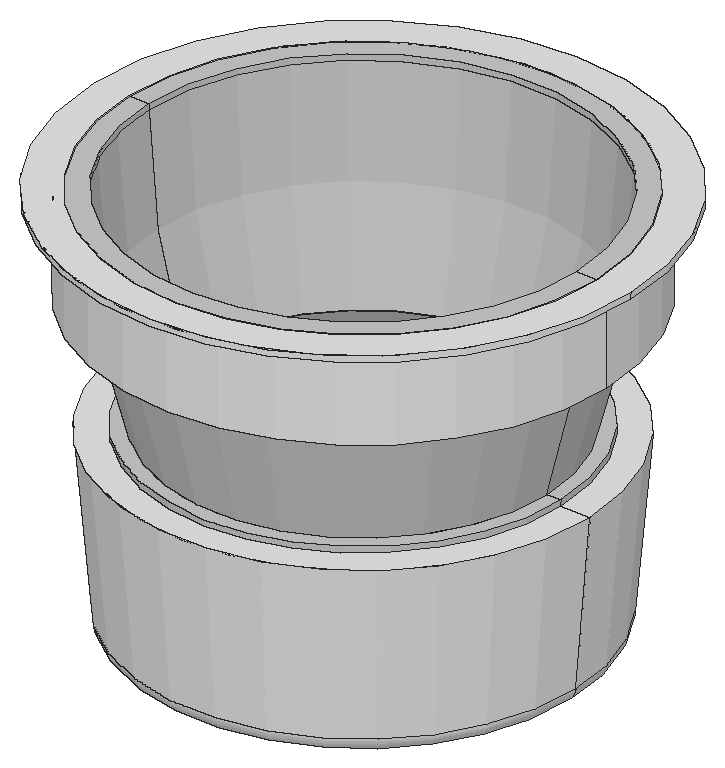
Revit family "2059345 Lighting Fixture_Sylvania_Ascent 150 II Round_Ceiling Recessed", category Lighting Fixtures, host Face, Revit 2017
Family settings
  Host = Face
  Round Connector Dimension = Use Diameter
  Part Type = Normal
  OmniClass Number = 23.80.70.11.17
  OmniClass Title = Specialized Lighting by Location or Use
  Cut with Voids When Loaded = No
  Light Source = Yes
  Shared = No
  Room Calculation Point = No
Parameters (values of type "ASCENT 150 II 1200 4K DALI")
  Upper Body Radius = Radius - 14.5 mm  # 80.0 mm
  Upper Body Material = Metal_Sylvania_Ascent 150 II_Black
  Ring Outer Diameter = Diameter - 17.0 mm  # 172.0 mm
  Ring Inner Diameter = Ring Outer Diameter - 4.0 mm  # 168.0 mm
  Reflector Material = Metal_Sylvania_Ascent 150 II_Polished
  Recessed Depth = 142.0 mm
  Radius = Diameter / 2  # 94.5 mm
  Light Emit  Diameter = Diameter - 38.0 mm  # 151.0 mm
  LOR = "100%"  # constant formula
  Inrush Current (max. quantity per 16A C breaker) = "80"  # constant formula
  Inner Reflector Radius = Inner Radius - 19.5 mm  # 63.0 mm
  Inner Radius = Inner Diameter / 2  # 82.5 mm
  Inner Diameter = Diameter - 24.0 mm  # 165.0 mm
  IP Rating = "IP44"  # constant formula
  IK Rating = "IK02"  # constant formula
  Glow Wire Test = 650 °C  # constant formula
  Energy Class = "A++,A+,A"  # constant formula
  Weight = 1.7 kg
  Wattage = 9.87805 W
  built-in parameter 1150110 = 1 (stored number, unit not read)
  Voltage Comments = "UNV (Universal Voltage; 220-240 Volt)"  # constant formula
  Voltage = 230 V  # constant formula
  URL = "https://www.sylvania-lighting.com"
  built-in parameter 1114217 = 1 (stored number, unit not read)
  Tilt Angle = -90°
  built-in parameter 1150109 = 1 (stored number, unit not read)
  built-in parameter 1150134 = 12
  built-in parameter 1150113 = 1 (stored number, unit not read)
  Product Page URL = "https://www.sylvania-lighting.com/product/en-int/products/2059345"
  Product Family = "ASCENT 150 II ROUND"  # constant formula
  Photometry Comments = ""
  Photometric Web File = "2059345_ASCENT150II12004KDALI-206146.ies"
  Life = "50 000 h"  # constant formula
  Emit from Circle Diameter = Light Emit  Diameter  # 151.0 mm
  Emit Shape Visible in Rendering = no
  Emergency duration (h) = "N/A"
  Electrical Protection = "Class II"  # constant formula
  Drive Current = "350mA"  # constant formula
  Distribution type = "Direct"  # constant formula
  Diffuser Material = Glass_Sylvania_Ascent 150 II_Clear_4000K
  Diameter = 189.0 mm
  Cutout Diameter = Diameter - 13.0 mm  # 176.0 mm
  Colour consistency (SDCM) = "3 step"  # constant formula
  built-in parameter 1114216 [instance] = 1 (stored number, unit not read)
  Model = "ASCENT 150 II 1200 4K DALI"
  Manufacturer = "Feilo Sylvania"
  built-in parameter 1150105 = 741.2 (stored number, unit not read)
  Lumens = 1215 lm
  built-in parameter 1150115 = 1 (stored number, unit not read)
  built-in parameter 1150137 = (empty or 0)
  built-in parameter 1150139 = (empty or 0)
  built-in parameter 1150112 = 1 (stored number, unit not read)
  built-in parameter 1150114 = 1 (stored number, unit not read)
  Lamp Comments = "Integrated LED"  # constant formula
  Lamp = "LED"  # constant formula
  built-in parameter 1150132 = 2
  built-in parameter 1150102 = (empty or 0)
  built-in parameter 1150107 = 4000 (stored number, unit not read)
  built-in parameter 1150138 = (empty or 0)
  built-in parameter 1150106 = 7.412 (stored number, unit not read)
  built-in parameter 1150104 = 11.427 (stored number, unit not read)
  Dimming Lamp Color Temperature Shift = <None>
  Description = "A very high efficient round downlight up to 127lm/W Long life >50,000hrs 4,000K and 3,000K CCT and CRI Ra85 IP44 rated for wet areas and bathrooms UGR <19 version for offices to comply with EN12464-1 Wide selection of decorative accessories"  # constant formula
  Default Elevation = 0.0 mm
  Color Filter = 16777215
  Catalog Number = "2059345 ASCENT 150 II 1200 4K DALI"
  built-in parameter 1140040 [instance] = 1
  CRI (Ra) = ">80"  # constant formula
  built-in parameter 1114218 = 1 (stored number, unit not read)
  built-in parameter 1150133 = 10 (stored number, unit not read)
  Assembly Code = "D5020200"
  Apparent Load Comments = ""
  Apparent Load = 10 VA
  Accessory Material = Aluminum_Sylvania_Ascent 150 II_White
Reference planes
  plane 1 "Center (Front/Back)": y = 0
  plane 2: z = 0
  plane 3 "Center (Left/Right)": x = 0
  plane 4: z = 2
  plane 5: z = -74
  plane 6 "Fixture Top": z = -140
  plane 7: z = -31
  plane 8: z = -72
  plane 9: z = -62.037
Forms (mm)
  Extrusion 1, solid, material "Aluminum_Sylvania_Ascent 150 II_White" <- "Accessory Material", detail levels fine
    sketch origin (0, 0, 0) x (1, 0, 0) y (0, 1, 0)
      loop
        circle (0, 0) r 94.5
      loop
        circle (0, 0) r 82.5
    from 0 to 2
  Extrusion 2, void
    sketch origin (0, 0, 0) x (1, 0, 0) y (0, 1, 0)
      loop
        circle (0, 0) r 88
    from -140 to 2
  Revolve 3, solid, material "Metal_Sylvania_Ascent 150 II_Polished" <- "Reflector Material", detail levels fine
    sketch origin (0, 0, 0) x (1, 0, 0) y (0, 0, 1)
      loop
        line (-82.5, 0) -> (-77.5, 0)
        arc (-77.5, 0) -> (-74.352, -36.539) -> (-65, -72) r 213.61
        line (-65, -72) -> (-70, -72) -> (-70, -74) -> (0, -74) -> (0, -72) -> (-63, -72)
        arc (-63, -72) -> (-72.352, -36.539) -> (-75.5, 0) r 213.61
        line (-75.5, 0) -> (-75.5, 2) -> (-82.5, 2) -> (-82.5, 0)
      axis (0, 2) -> (0, -74)
    angle from 0 to 360
  Extrusion 4, solid, material "Aluminum_Sylvania_Ascent 150 II_White" <- "Accessory Material", detail levels fine
    sketch origin (0, 0, 0) x (1, 0, 0) y (0, 1, 0)
      loop
        circle (0, 0) r 86
      loop
        circle (0, 0) r 84
    from -31 to 0
  Revolve 5, solid, material "Glass_Sylvania_Ascent 150 II_Clear_4000K" <- "Diffuser Material", detail levels fine
    sketch origin (0, 0, 0) x (1, 0, 0) y (0, 0, 1)
      loop
        line (-63, -72) -> (0, -72) -> (0, -62.037)
        arc (0, -62.037) -> (-31.891, -64.543) -> (-63, -72) r 204.163
      axis (0, -62.037) -> (0, -72)
    angle from 0 to 360
  Revolve 6, solid, material "Metal_Sylvania_Ascent 150 II_Black" <- "Upper Body Material", detail levels fine
    sketch origin (0, 0, 0) x (1, 0, 0) y (0, 0, 1)
      loop
        line (0, -74) -> (-80, -74) -> (-75.107, -129.929)
        arc (-75.107, -129.929) -> (-73.452, -133.536) -> (-69.924, -135.353) r 6.079
        arc (-69.924, -135.353) -> (-35.039, -138.837) -> (0, -140) r 528.435
        line (0, -140) -> (0, -74)
      axis (0, -74) -> (0, -140)
    angle from 0 to 360
  Revolve 7, solid, material "Aluminum_Sylvania_Ascent 150 II_White" <- "Accessory Material", detail levels coarse+medium
    sketch origin (0, 0, 0) x (1, 0, 0) y (0, 0, 1)
      loop
        arc (-69.924, -135.353) -> (-35.039, -138.837) -> (0, -140) r 528.435
        line (0, -140) -> (0, 2) -> (-94.5, 2) -> (-94.5, 0) -> (-86, 0) -> (-86, -31)
        arc (-86, -31) -> (-84.493, -52.708) -> (-80, -74) r 157.083
        line (-80, -74) -> (-75.107, -129.929)
        arc (-75.107, -129.929) -> (-73.452, -133.536) -> (-69.924, -135.353) r 6.079
      axis (0, 2) -> (0, -140)
    angle from 0 to 360
Cuts and joins
  joined: Extrusion 1, Extrusion 4
Lines and regions (mm)
  Masking region 1
    outline origin (0, 0, 0) x (1, 0, 0) y (0, 1, 0)
      loop
        circle (0, 0) r 94.5
  symbolic lines, detail levels fine
    curve 1: arc (-75.5, 0, 0) -> (0, 75.5, 0) -> (75.5, 0, 0) r 75.5
    curve 2: arc (75.5, 0, 0) -> (0, -75.5, 0) -> (-75.5, 0, 0) r 75.5
Dimensions and locks
  plane 4 to plane 2 to plane 7 to plane 9 to plane 8 to plane 5 = 2.0 mm locked, 31.0 mm locked, 31.037 mm locked, 9.963 mm locked, 2.0 mm locked
  "Inner Radius": plane 3 "Center (Left/Right)" to Revolve 3 sketch curve
  locked: Revolve 3 sketch curve to Revolve 3 sketch curve at 7
  Revolve 3 sketch curve to Revolve 3 sketch curve to Revolve 3 sketch curve to Revolve 3 sketch curve = 2.0 mm locked, 5.0 mm locked, 12.5 mm locked
  "Inner Reflector Radius": Revolve 5 sketch curve to imposter light
  Revolve 6 sketch curve to Revolve 6 sketch curve to plane 6 "Fixture Top" = 5.424 mm locked, 4.647 mm locked
  "Recessed Depth": plane 4 to plane 6 "Fixture Top"
  "Upper Body Radius": plane 3 "Center (Left/Right)" to Revolve 6 sketch curve
  Revolve 6 sketch curve to Revolve 6 sketch curve to Revolve 6 sketch curve = 4.893 mm locked, 5.183 mm locked
  Revolve 7 sketch curve to Revolve 7 sketch curve to plane 6 "Fixture Top" = 5.424 mm locked, 4.647 mm locked
  Revolve 7 sketch curve to Revolve 7 sketch curve to Revolve 7 sketch curve to Revolve 7 sketch curve to Revolve 7 sketch curve = 8.5 mm locked, 6.0 mm locked, 4.893 mm locked, 5.183 mm locked
  "Radius": plane 3 "Center (Left/Right)" to Revolve 7 sketch curve
  "Diameter": diameter of Extrusion 1 sketch curve
  "Inner Diameter": diameter of Extrusion 1 sketch curve
  "Cutout Diameter": diameter of Extrusion 2 sketch curve
  "Ring Outer Diameter": diameter of Extrusion 4 sketch curve
  "Ring Inner Diameter": diameter of Extrusion 4 sketch curve
  aligned and locked: plane 2 to host face
  aligned and locked: level to host face
  aligned and locked: imposter light to plane 3 "Center (Left/Right)"
  aligned and locked: imposter light to plane 1 "Center (Front/Back)"
  aligned and locked: Extrusion 1 to plane 2
  aligned and locked: plane 4 to Extrusion 1
  aligned and locked: imposter light to plane 4
  aligned and locked: imposter light to Revolve 3 sketch curve
  aligned and locked: Revolve 3 sketch curve to imposter light
  aligned and locked: Revolve 3 sketch curve to plane 2
  aligned and locked: Revolve 3 sketch curve to Revolve 3 sketch curve
  aligned and locked: plane 5 to Revolve 3 sketch curve
  aligned and locked: Extrusion 4 to plane 7
  aligned and locked: Revolve 3 sketch curve to plane 8
  aligned and locked: Revolve 5 sketch curve to plane 8
  aligned and locked: imposter light to Revolve 5 sketch curve  (x2)
  aligned and locked: imposter light to Revolve 6 sketch curve  (x2)
  aligned and locked: plane 5 to Revolve 6 sketch curve
  aligned and locked: plane 6 "Fixture Top" to Revolve 6 sketch curve
  aligned and locked: Revolve 7 sketch curve to plane 2
  aligned and locked: plane 4 to Revolve 7 sketch curve
  aligned and locked: plane 7 to Revolve 7 sketch curve
  aligned and locked: imposter light to Extrusion 2
  aligned and locked: Extrusion 2 to plane 6 "Fixture Top"
  aligned and locked: Masking region 1 sketch curve to Revolve 7  (x2)
  aligned and locked: curve 1 to Revolve 3
  aligned and locked: curve 2 to Revolve 3
Automatic sketch dimensions
  host sketch curve to host sketch curve = 1040.406 mm
  host sketch curve to host sketch curve = 988.385 mm
  Extrusion 1 sketch curve to Extrusion 1 sketch curve = 0.0 mm  (x2)
  plane 1 "Center (Front/Back)" to Extrusion 1 sketch curve = 0.0 mm
  Extrusion 1 sketch curve to plane 3 "Center (Left/Right)" = 0.0 mm
  plane 1 "Center (Front/Back)" to Extrusion 2 sketch curve = 0.0 mm
  Extrusion 2 sketch curve to plane 3 "Center (Left/Right)" = 0.0 mm
  Revolve 3 sketch curve to plane 3 "Center (Left/Right)" = 0.0 mm
  Revolve 3 sketch curve to level = 0.0 mm
  Revolve 3 sketch curve to Revolve 3 sketch curve = 2.0 mm
  Revolve 3 sketch curve to plane 5 = 27.065 mm
  plane 4 to Revolve 3 sketch curve = 16.525 mm
  Extrusion 4 sketch curve to Extrusion 4 sketch curve = 0.0 mm  (x2)
  plane 1 "Center (Front/Back)" to Extrusion 4 sketch curve = 0.0 mm
  Extrusion 4 sketch curve to plane 3 "Center (Left/Right)" = 0.0 mm
  Revolve 5 sketch curve to plane 9 = 0.0 mm
  Revolve 5 sketch curve to plane 5 = 17.158 mm
  Revolve 5 sketch curve to plane 7 = 15.158 mm
  Revolve 6 sketch curve to plane 7 = 0.0 mm
  Revolve 6 sketch curve to Revolve 6 sketch curve = 6.05 mm
  Revolve 6 sketch curve to plane 6 "Fixture Top" = 26.0 mm
  Revolve 7 sketch curve to plane 3 "Center (Left/Right)" = 0.0 mm  (x2)
  Revolve 7 sketch curve to plane 6 "Fixture Top" = 0.0 mm
  Revolve 7 sketch curve to plane 5 = 0.0 mm
  Revolve 7 sketch curve to plane 7 = 0.0 mm
  Revolve 7 sketch curve to Revolve 7 sketch curve = 0.866 mm
  Revolve 7 sketch curve to Revolve 7 sketch curve = 26.0 mm
Connectors
  electrical at (0, 0, -140), driven by "Apparent Load", driven by "Voltage"
    settings: index 1, voltage 230 V, apparent load 0 VA, apparent load phase1 10 VA, apparent load phase2 0 VA, apparent load phase3 0 VA, power factor 1, load classification "Lighting", number of poles 1, system type 31, power factor state 1, is connector primary yes, connector utility no, sub classification motor no, connector description ""
